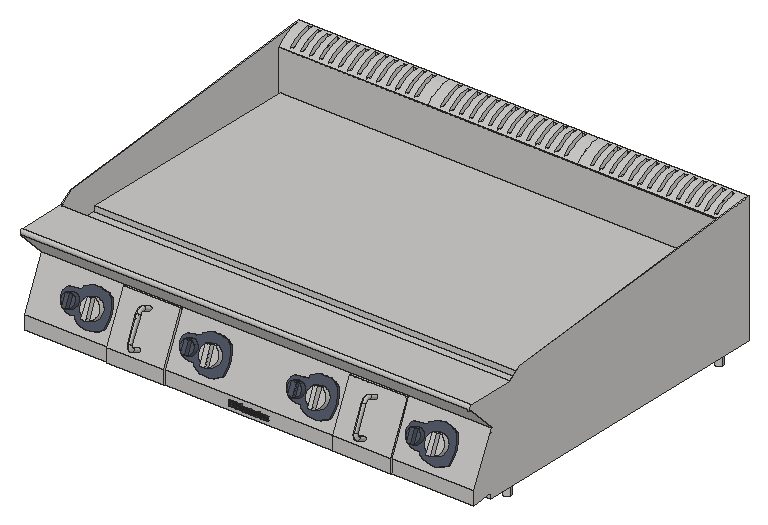
Revit family "QF_ELECTROLUXPROFESSIONAL_391407_E9IIMAAOMIA", category Specialty Equipment, Revit 2018 (continued)
Automatic sketch dimensions
  Extrusion 3 sketch curve to Extrusion 3 sketch curve = 2.692 mm
  Extrusion 3 sketch curve to Extrusion 3 sketch curve = 1.259 mm
  Extrusion 3 sketch curve to Extrusion 3 sketch curve = 0.802 mm
  Extrusion 3 sketch curve to Extrusion 3 sketch curve = 1.024 mm
  Extrusion 3 sketch curve to Extrusion 3 sketch curve = 0.682 mm
  Extrusion 3 sketch curve to Extrusion 3 sketch curve = 5.934 mm
  Extrusion 3 sketch curve to Extrusion 3 sketch curve = 2.186 mm
  Extrusion 3 sketch curve to Extrusion 3 sketch curve = 0.337 mm
  Extrusion 3 sketch curve to Extrusion 3 sketch curve = 0.021 mm
  Extrusion 3 sketch curve to Extrusion 3 sketch curve = 1.005 mm
  Extrusion 3 sketch curve to Extrusion 3 sketch curve = 0.552 mm
  Extrusion 3 sketch curve to Extrusion 3 sketch curve = 0.778 mm
  Extrusion 3 sketch curve to Extrusion 3 sketch curve = 0.063 mm
  Extrusion 3 sketch curve to Extrusion 3 sketch curve = 1.023 mm
  Extrusion 3 sketch curve to Extrusion 3 sketch curve = 3.804 mm
  Extrusion 3 sketch curve to Extrusion 3 sketch curve = 0.486 mm
  Extrusion 3 sketch curve to Extrusion 3 sketch curve = 0.266 mm  (x2)
  Extrusion 3 sketch curve to Extrusion 3 sketch curve = 1.547 mm
  Extrusion 3 sketch curve to Extrusion 3 sketch curve = 0.717 mm  (x2)
  Extrusion 3 sketch curve to Extrusion 3 sketch curve = 1.667 mm
  Extrusion 3 sketch curve to Extrusion 3 sketch curve = 3.174 mm
  Extrusion 3 sketch curve to Extrusion 3 sketch curve = 0.388 mm
  Extrusion 3 sketch curve to Extrusion 3 sketch curve = 1.342 mm
  Extrusion 3 sketch curve to Extrusion 3 sketch curve = 1.521 mm
  Extrusion 3 sketch curve to Extrusion 3 sketch curve = 0.124 mm
  Extrusion 3 sketch curve to Extrusion 3 sketch curve = 0.291 mm
  plane 7 "Center Y" to Extrusion 3 sketch curve = 5.548 mm
  Extrusion 3 sketch curve to Extrusion 3 sketch curve = 1.049 mm  (x2)
  Extrusion 3 sketch curve to Extrusion 3 sketch curve = 1.7 mm
  Extrusion 3 sketch curve to Extrusion 3 sketch curve = 0.894 mm
  Extrusion 3 sketch curve to Extrusion 3 sketch curve = 0.989 mm
  Extrusion 3 sketch curve to Extrusion 3 sketch curve = 1.168 mm
  Extrusion 3 sketch curve to Extrusion 3 sketch curve = 1.594 mm
  Extrusion 3 sketch curve to Extrusion 3 sketch curve = 0.731 mm
  Extrusion 3 sketch curve to Extrusion 3 sketch curve = 1.566 mm
  Extrusion 3 sketch curve to Extrusion 3 sketch curve = 0.064 mm
  plane 7 "Center Y" to Extrusion 3 sketch curve = 6.105 mm
  Extrusion 3 sketch curve to Extrusion 3 sketch curve = 0.556 mm  (x2)
  Extrusion 3 sketch curve to Extrusion 3 sketch curve = 0.48 mm
  Extrusion 3 sketch curve to Extrusion 3 sketch curve = 0.228 mm
  Extrusion 3 sketch curve to Extrusion 3 sketch curve = 1.018 mm
  Extrusion 3 sketch curve to Extrusion 3 sketch curve = 0.787 mm
  Extrusion 3 sketch curve to Extrusion 3 sketch curve = 0.618 mm
  Extrusion 3 sketch curve to Extrusion 3 sketch curve = 1.672 mm
  Extrusion 3 sketch curve to Extrusion 3 sketch curve = 1.361 mm
  Extrusion 3 sketch curve to Extrusion 3 sketch curve = 0.822 mm
  Extrusion 3 sketch curve to Extrusion 3 sketch curve = 0.069 mm
  Extrusion 3 sketch curve to Extrusion 3 sketch curve = 1.88 mm
  Extrusion 3 sketch curve to Extrusion 3 sketch curve = 0.42 mm
  Extrusion 3 sketch curve to Extrusion 3 sketch curve = 0.062 mm
  Extrusion 3 sketch curve to Extrusion 3 sketch curve = 1.355 mm
  Extrusion 3 sketch curve to Extrusion 3 sketch curve = 2.34 mm
  Extrusion 3 sketch curve to Extrusion 3 sketch curve = 0.493 mm
  Extrusion 3 sketch curve to Extrusion 3 sketch curve = 0.136 mm
  Extrusion 3 sketch curve to Extrusion 3 sketch curve = 0.128 mm
  Extrusion 3 sketch curve to Extrusion 3 sketch curve = 3.616 mm
  Extrusion 3 sketch curve to Extrusion 3 sketch curve = 4.207 mm
  Extrusion 3 sketch curve to Extrusion 3 sketch curve = 0.183 mm
  Extrusion 3 sketch curve to Extrusion 3 sketch curve = 0.895 mm
  Extrusion 3 sketch curve to Extrusion 3 sketch curve = 1.314 mm
  Extrusion 3 sketch curve to Extrusion 3 sketch curve = 3.231 mm
  Extrusion 3 sketch curve to Extrusion 3 sketch curve = 1.299 mm
  Extrusion 3 sketch curve to Extrusion 3 sketch curve = 1.214 mm
  Extrusion 3 sketch curve to Extrusion 3 sketch curve = 1.264 mm
  Extrusion 3 sketch curve to Extrusion 3 sketch curve = 0.109 mm
  Extrusion 3 sketch curve to Extrusion 3 sketch curve = 0.357 mm
  Extrusion 3 sketch curve to Extrusion 3 sketch curve = 0.565 mm
  Extrusion 3 sketch curve to Extrusion 3 sketch curve = 2.504 mm
  Extrusion 3 sketch curve to Extrusion 3 sketch curve = 2.459 mm
  Extrusion 3 sketch curve to Extrusion 3 sketch curve = 1.322 mm
  Extrusion 3 sketch curve to Extrusion 3 sketch curve = 2.77 mm
  Extrusion 3 sketch curve to Extrusion 3 sketch curve = 2.51 mm
  Extrusion 3 sketch curve to Extrusion 3 sketch curve = 0.187 mm
  Extrusion 3 sketch curve to Extrusion 3 sketch curve = 2.559 mm
  Extrusion 3 sketch curve to Extrusion 3 sketch curve = 1.556 mm
  Extrusion 3 sketch curve to Extrusion 3 sketch curve = 0.222 mm
  Extrusion 3 sketch curve to Extrusion 3 sketch curve = 1.383 mm
  Extrusion 3 sketch curve to Extrusion 3 sketch curve = 3.114 mm
  Extrusion 3 sketch curve to Extrusion 3 sketch curve = 3.376 mm
  Extrusion 3 sketch curve to Extrusion 3 sketch curve = 0.934 mm
  Extrusion 3 sketch curve to Extrusion 3 sketch curve = 0.191 mm
  Extrusion 3 sketch curve to Extrusion 3 sketch curve = 3.696 mm
  Extrusion 3 sketch curve to Extrusion 3 sketch curve = 2.708 mm
  Extrusion 3 sketch curve to Extrusion 3 sketch curve = 3.333 mm
  Extrusion 3 sketch curve to Extrusion 3 sketch curve = 0.332 mm
  Extrusion 3 sketch curve to Extrusion 3 sketch curve = 1.087 mm
  Extrusion 3 sketch curve to Extrusion 3 sketch curve = 2.23 mm
  Extrusion 3 sketch curve to Extrusion 3 sketch curve = 2.757 mm
  Extrusion 3 sketch curve to Extrusion 3 sketch curve = 0.987 mm
  Extrusion 3 sketch curve to Extrusion 3 sketch curve = 1.529 mm
  Extrusion 3 sketch curve to Extrusion 3 sketch curve = 1.796 mm
  Extrusion 3 sketch curve to Extrusion 3 sketch curve = 2.859 mm
  Extrusion 3 sketch curve to Extrusion 3 sketch curve = 0.853 mm
  Extrusion 3 sketch curve to Extrusion 3 sketch curve = 1.241 mm
  Extrusion 3 sketch curve to Extrusion 3 sketch curve = 2.046 mm  (x2)
  Extrusion 3 sketch curve to Extrusion 3 sketch curve = 2.422 mm
  Extrusion 3 sketch curve to Extrusion 3 sketch curve = 0.27 mm  (x2)
  Extrusion 3 sketch curve to Extrusion 3 sketch curve = 0.69 mm
  Extrusion 3 sketch curve to Extrusion 3 sketch curve = 0.781 mm  (x2)
  Extrusion 3 sketch curve to Extrusion 3 sketch curve = 3.136 mm
  Extrusion 3 sketch curve to Extrusion 3 sketch curve = 1.767 mm
  Extrusion 3 sketch curve to Extrusion 3 sketch curve = 0.138 mm
  Extrusion 3 sketch curve to Extrusion 3 sketch curve = 0.777 mm
  Extrusion 3 sketch curve to Extrusion 3 sketch curve = 1.19 mm
  Extrusion 3 sketch curve to Extrusion 3 sketch curve = 0.782 mm
  Extrusion 3 sketch curve to Extrusion 3 sketch curve = 1.268 mm
  Extrusion 3 sketch curve to Extrusion 3 sketch curve = 0.422 mm  (x2)
  Extrusion 3 sketch curve to Extrusion 3 sketch curve = 1.559 mm
  Extrusion 3 sketch curve to Extrusion 3 sketch curve = 3.927 mm
  Extrusion 3 sketch curve to Extrusion 3 sketch curve = 0.983 mm
  Extrusion 3 sketch curve to Extrusion 3 sketch curve = 1.134 mm
  Extrusion 3 sketch curve to Extrusion 3 sketch curve = 0.094 mm
  Extrusion 3 sketch curve to Extrusion 3 sketch curve = 1.584 mm
  Extrusion 3 sketch curve to plane 7 "Center Y" = 1.098 mm
  Extrusion 3 sketch curve to Extrusion 3 sketch curve = 0.643 mm
  Extrusion 3 sketch curve to Extrusion 3 sketch curve = 0.916 mm
  Extrusion 3 sketch curve to Extrusion 3 sketch curve = 0.352 mm
  Extrusion 3 sketch curve to Extrusion 3 sketch curve = 0.458 mm
  Extrusion 3 sketch curve to Extrusion 3 sketch curve = 1.282 mm
  Extrusion 3 sketch curve to Extrusion 3 sketch curve = 1.363 mm
  Extrusion 3 sketch curve to Extrusion 3 sketch curve = 0.685 mm
  Extrusion 3 sketch curve to Extrusion 3 sketch curve = 0.905 mm
  Extrusion 3 sketch curve to Extrusion 3 sketch curve = 2.865 mm
  Extrusion 3 sketch curve to Extrusion 3 sketch curve = 0.472 mm
  Extrusion 3 sketch curve to Extrusion 3 sketch curve = 0.101 mm
  Extrusion 3 sketch curve to Extrusion 3 sketch curve = 0.54 mm
  Extrusion 3 sketch curve to Extrusion 3 sketch curve = 0.02 mm
  Extrusion 3 sketch curve to Extrusion 3 sketch curve = 0.468 mm
  Extrusion 3 sketch curve to Extrusion 3 sketch curve = 0.829 mm
  Extrusion 3 sketch curve to Extrusion 3 sketch curve = 0.582 mm
  Extrusion 3 sketch curve to Extrusion 3 sketch curve = 0.166 mm
  Extrusion 3 sketch curve to Extrusion 3 sketch curve = 0.16 mm
  Extrusion 3 sketch curve to Extrusion 3 sketch curve = 2.781 mm
  Extrusion 3 sketch curve to Extrusion 3 sketch curve = 1.118 mm
  Extrusion 3 sketch curve to Extrusion 3 sketch curve = 0.613 mm
  Extrusion 3 sketch curve to Extrusion 3 sketch curve = 0.361 mm
  Extrusion 3 sketch curve to Extrusion 3 sketch curve = 0.897 mm
  Extrusion 3 sketch curve to Extrusion 3 sketch curve = 0.167 mm
  Extrusion 3 sketch curve to Extrusion 3 sketch curve = 0.292 mm
  Extrusion 3 sketch curve to Extrusion 3 sketch curve = 0.305 mm
  Extrusion 3 sketch curve to Extrusion 3 sketch curve = 1.557 mm
  Extrusion 3 sketch curve to Extrusion 3 sketch curve = 2.499 mm
  Extrusion 3 sketch curve to Extrusion 3 sketch curve = 3.062 mm
  Extrusion 3 sketch curve to Extrusion 3 sketch curve = 2.968 mm
  Extrusion 3 sketch curve to Extrusion 3 sketch curve = 5.044 mm
  Extrusion 3 sketch curve to Extrusion 3 sketch curve = 0.629 mm  (x2)
  Extrusion 3 sketch curve to Extrusion 3 sketch curve = 1.131 mm
  Extrusion 3 sketch curve to Extrusion 3 sketch curve = 0.027 mm
  Extrusion 3 sketch curve to Extrusion 3 sketch curve = 2.235 mm
  Extrusion 4 sketch curve to plane 12 = 0 mm
  Extrusion 4 sketch curve to plane 1 "BACK" = 0 mm
  Extrusion 4 sketch curve to plane 6 "TOP" = 0 mm
  Extrusion 4 sketch curve to plane 14 = 28.404 mm
  plane 14 to Extrusion 4 sketch curve = 5 mm
  Extrusion 4 sketch curve to plane 12 = 60 mm
  plane 12 to Extrusion 4 sketch curve = 21.916 mm
  Extrusion 5 sketch curve to plane 1 "BACK" = 0 mm
  Extrusion 5 sketch curve to plane 12 = 0 mm
  Extrusion 5 sketch curve to plane 6 "TOP" = 0 mm
  Extrusion 5 sketch curve to plane 14 = 28.404 mm
  plane 14 to Extrusion 5 sketch curve = 5 mm
  Extrusion 5 sketch curve to plane 12 = 60 mm
  plane 12 to Extrusion 5 sketch curve = 21.916 mm
  Extrusion 6 sketch curve to plane 1 "BACK" = 0 mm
  Extrusion 6 sketch curve to plane 6 "TOP" = 0 mm
  Extrusion 6 sketch curve to plane 13 = 12.15 mm
  Extrusion 6 sketch curve to plane 1 "BACK" = 5.211 mm
  Extrusion 6 sketch curve to plane 6 "TOP" = 31.7 mm
  plane 1 "BACK" to Extrusion 7 sketch curve = 6.761 mm  (x14)
  Extrusion 7 sketch curve to plane 13 = 18.089 mm  (x7)
  Extrusion 7 sketch curve to Extrusion 7 sketch curve = 0 mm  (x7)
  Extrusion 7 sketch curve to plane 11 = 18.703 mm
  Extrusion 7 sketch curve to Extrusion 7 sketch curve = 9.296 mm  (x14)
  Extrusion 7 sketch curve to Extrusion 7 sketch curve = 16.193 mm  (x13)
  Extrusion 8 sketch curve to plane 1 "BACK" = 0 mm
  Extrusion 8 sketch curve to plane 6 "TOP" = 0 mm
  Extrusion 8 sketch curve to plane 13 = 12.15 mm
  Extrusion 8 sketch curve to plane 1 "BACK" = 5.211 mm
  Extrusion 8 sketch curve to plane 6 "TOP" = 31.7 mm
  plane 1 "BACK" to Extrusion 9 sketch curve = 6.761 mm  (x14)
  Extrusion 9 sketch curve to plane 13 = 18.089 mm  (x7)
  Extrusion 9 sketch curve to plane 7 "Center Y" = 8.021 mm
  Extrusion 9 sketch curve to Extrusion 9 sketch curve = 0 mm  (x7)
  Extrusion 9 sketch curve to Extrusion 9 sketch curve = 9.296 mm  (x14)
  Extrusion 9 sketch curve to Extrusion 9 sketch curve = 16.193 mm  (x12)
  plane 7 "Center Y" to Extrusion 9 sketch curve = 8.171 mm
  Extrusion 10 sketch curve to plane 1 "BACK" = 0 mm
  Extrusion 10 sketch curve to plane 6 "TOP" = 0 mm
  Extrusion 10 sketch curve to plane 13 = 12.15 mm
  Extrusion 10 sketch curve to plane 1 "BACK" = 5.211 mm
  Extrusion 10 sketch curve to plane 6 "TOP" = 31.7 mm
  plane 1 "BACK" to Extrusion 11 sketch curve = 6.761 mm  (x14)
  Extrusion 11 sketch curve to plane 13 = 18.089 mm  (x7)
  Extrusion 11 sketch curve to Extrusion 11 sketch curve = 0 mm  (x7)
  plane 7 "Center Y" to Extrusion 11 sketch curve = 229.803 mm
  Extrusion 11 sketch curve to Extrusion 11 sketch curve = 9.296 mm  (x14)
  Extrusion 11 sketch curve to Extrusion 11 sketch curve = 16.193 mm  (x13)
  Extrusion 12 sketch curve to plane 12 = 45 mm
  Extrusion 12 sketch curve to plane 14 = 100.044 mm
  Extrusion 12 sketch curve to plane 13 = 10.485 mm
  Extrusion 12 sketch curve to Extrusion 12 sketch curve = 15 mm
  Extrusion 1 to Extrusion 13 sketch curve = 0 mm
  Extrusion 1 to Extrusion 13 sketch curve = 1.6 mm  (x2)
  Extrusion 1 to Extrusion 13 sketch curve = 71.515 mm
  Extrusion 14 sketch curve to plane 5 "FRONT" = 11.8 mm
  Extrusion 14 sketch curve to Extrusion 14 sketch curve = 3.2 mm
  Extrusion 14 sketch curve to plane 5 "FRONT" = 68.449 mm
  Extrusion 14 sketch curve to Extrusion 14 sketch curve = 2.907 mm
  plane 9 to Extrusion 14 sketch curve = 6.922 mm
  Extrusion 14 sketch curve to Extrusion 14 sketch curve = 34.792 mm
  Extrusion 14 sketch curve to Extrusion 14 sketch curve = 0.701 mm
  plane 9 to Extrusion 15 sketch curve = 6.922 mm
  plane 17 to Extrusion 15 sketch curve = 24.406 mm
  plane 17 to Extrusion 15 sketch curve = 81.055 mm
  Extrusion 15 sketch curve to plane 5 "FRONT" = 11.8 mm
  Extrusion 15 sketch curve to plane 5 "FRONT" = 68.449 mm
  Extrusion 15 sketch curve to Extrusion 15 sketch curve = 35.493 mm  (x2)
  Extrusion 15 sketch curve to plane 12 = 85.504 mm
  Extrusion 16 sketch curve to plane 5 "FRONT" = 11.8 mm
  Extrusion 16 sketch curve to Extrusion 16 sketch curve = 3.2 mm
  Extrusion 16 sketch curve to plane 5 "FRONT" = 68.449 mm
  Extrusion 16 sketch curve to Extrusion 16 sketch curve = 2.907 mm
  Extrusion 16 sketch curve to plane 12 = 85.504 mm
  Extrusion 16 sketch curve to Extrusion 16 sketch curve = 1.338 mm
  plane 9 to Extrusion 16 sketch curve = 6.922 mm
  plane 17 to Extrusion 17 sketch curve = 24.406 mm
  plane 17 to Extrusion 17 sketch curve = 81.055 mm
  Extrusion 17 sketch curve to plane 5 "FRONT" = 11.8 mm
  Extrusion 17 sketch curve to plane 5 "FRONT" = 68.449 mm
  Extrusion 17 sketch curve to plane 12 = 85.504 mm
  plane 9 to Extrusion 17 sketch curve = 42.415 mm  (x2)
  plane 9 to Extrusion 17 sketch curve = 6.922 mm
  Extrusion 18 sketch curve to Extrusion 18 sketch curve = 0 mm  (x2)
  Extrusion 18 sketch curve to plane 7 "Center Y" = 150.643 mm
  Extrusion 18 sketch curve to Extrusion 18 sketch curve = 112.63 mm
  Extrusion 18 sketch curve to Extrusion 18 sketch curve = 1.398 mm
  Extrusion 18 sketch curve to Extrusion 18 sketch curve = 5.918 mm
  Extrusion 18 sketch curve to Extrusion 18 sketch curve = 7.825 mm
  Extrusion 18 sketch curve to Extrusion 18 sketch curve = 12.433 mm
  Extrusion 18 sketch curve to Extrusion 18 sketch curve = 33.329 mm
  Extrusion 18 sketch curve to Extrusion 18 sketch curve = 28.808 mm
  Extrusion 18 sketch curve to Extrusion 18 sketch curve = 2.986 mm
  Extrusion 18 sketch curve to Extrusion 18 sketch curve = 35.441 mm
  Extrusion 18 sketch curve to Extrusion 18 sketch curve = 23.969 mm
  Extrusion 18 sketch curve to Extrusion 18 sketch curve = 31.993 mm
  Extrusion 18 sketch curve to Extrusion 18 sketch curve = 0.131 mm
  Extrusion 18 sketch curve to Extrusion 18 sketch curve = 36.738 mm
  Extrusion 18 sketch curve to Extrusion 18 sketch curve = 6.105 mm
  Extrusion 18 sketch curve to plane 7 "Center Y" = 119.675 mm
  Extrusion 18 sketch curve to Extrusion 18 sketch curve = 0.002 mm
  Extrusion 18 sketch curve to Extrusion 18 sketch curve = 38.412 mm
  Extrusion 18 sketch curve to Extrusion 18 sketch curve = 39.831 mm
  Extrusion 18 sketch curve to Extrusion 18 sketch curve = 6.427 mm
  Extrusion 18 sketch curve to Extrusion 18 sketch curve = 11.842 mm
  Extrusion 20 sketch curve to Extrusion 20 sketch curve = 24.732 mm
  Extrusion 20 sketch curve to Extrusion 20 sketch curve = 0 mm
  Extrusion 22 sketch curve to Extrusion 22 sketch curve = 0 mm
  Extrusion 22 sketch curve to Extrusion 22 sketch curve = 7.232 mm  (x3)
  Extrusion 22 sketch curve to Extrusion 22 sketch curve = 17.5 mm
  Extrusion 22 sketch curve to Extrusion 22 sketch curve = 5.786 mm
  Extrusion 23 sketch curve to Extrusion 23 sketch curve = 0 mm  (x2)
  Extrusion 23 sketch curve to plane 11 = 120.857 mm
  Extrusion 23 sketch curve to Extrusion 23 sketch curve = 112.63 mm
  Extrusion 23 sketch curve to Extrusion 23 sketch curve = 1.398 mm
  Extrusion 23 sketch curve to Extrusion 23 sketch curve = 5.918 mm
  Extrusion 23 sketch curve to Extrusion 23 sketch curve = 7.825 mm
  Extrusion 23 sketch curve to Extrusion 23 sketch curve = 12.433 mm
  Extrusion 23 sketch curve to Extrusion 23 sketch curve = 33.329 mm
  Extrusion 23 sketch curve to Extrusion 23 sketch curve = 28.808 mm
  Extrusion 23 sketch curve to Extrusion 23 sketch curve = 2.986 mm
  Extrusion 23 sketch curve to Extrusion 23 sketch curve = 35.441 mm
  Extrusion 23 sketch curve to Extrusion 23 sketch curve = 23.969 mm
  Extrusion 23 sketch curve to Extrusion 23 sketch curve = 31.993 mm
  Extrusion 23 sketch curve to Extrusion 23 sketch curve = 0.131 mm
  Extrusion 23 sketch curve to Extrusion 23 sketch curve = 36.738 mm
  Extrusion 23 sketch curve to Extrusion 23 sketch curve = 6.105 mm
  Extrusion 23 sketch curve to plane 11 = 151.825 mm
  Extrusion 23 sketch curve to Extrusion 23 sketch curve = 0.002 mm
  Extrusion 23 sketch curve to Extrusion 23 sketch curve = 38.412 mm
  Extrusion 23 sketch curve to Extrusion 23 sketch curve = 39.831 mm
  Extrusion 23 sketch curve to Extrusion 23 sketch curve = 6.427 mm
  Extrusion 23 sketch curve to Extrusion 23 sketch curve = 11.842 mm
  Extrusion 25 sketch curve to Extrusion 25 sketch curve = 24.732 mm
  Extrusion 25 sketch curve to Extrusion 25 sketch curve = 0 mm
  Extrusion 27 sketch curve to Extrusion 27 sketch curve = 0 mm
  Extrusion 27 sketch curve to Extrusion 27 sketch curve = 7.232 mm  (x3)
  Extrusion 27 sketch curve to Extrusion 27 sketch curve = 17.5 mm
  Extrusion 27 sketch curve to Extrusion 27 sketch curve = 5.786 mm
  Extrusion 28 sketch curve to Extrusion 28 sketch curve = 0 mm  (x2)
  Extrusion 28 sketch curve to plane 10 = 135.793 mm
  Extrusion 28 sketch curve to Extrusion 28 sketch curve = 112.63 mm
  Extrusion 28 sketch curve to Extrusion 28 sketch curve = 1.398 mm
  Extrusion 28 sketch curve to Extrusion 28 sketch curve = 5.918 mm
  Extrusion 28 sketch curve to Extrusion 28 sketch curve = 7.825 mm
  Extrusion 28 sketch curve to Extrusion 28 sketch curve = 12.433 mm
  Extrusion 28 sketch curve to Extrusion 28 sketch curve = 33.329 mm
  Extrusion 28 sketch curve to Extrusion 28 sketch curve = 28.808 mm
  Extrusion 28 sketch curve to Extrusion 28 sketch curve = 2.986 mm
  Extrusion 28 sketch curve to Extrusion 28 sketch curve = 35.441 mm
  Extrusion 28 sketch curve to Extrusion 28 sketch curve = 23.969 mm
  Extrusion 28 sketch curve to Extrusion 28 sketch curve = 31.993 mm
  Extrusion 28 sketch curve to Extrusion 28 sketch curve = 0.131 mm
  Extrusion 28 sketch curve to Extrusion 28 sketch curve = 36.738 mm
  Extrusion 28 sketch curve to Extrusion 28 sketch curve = 6.105 mm
  Extrusion 28 sketch curve to plane 10 = 104.825 mm
  Extrusion 28 sketch curve to Extrusion 28 sketch curve = 0.002 mm
  Extrusion 28 sketch curve to Extrusion 28 sketch curve = 38.412 mm
  Extrusion 28 sketch curve to Extrusion 28 sketch curve = 39.831 mm
  Extrusion 28 sketch curve to Extrusion 28 sketch curve = 6.427 mm
  Extrusion 28 sketch curve to Extrusion 28 sketch curve = 11.842 mm
  Extrusion 30 sketch curve to Extrusion 30 sketch curve = 24.732 mm
  Extrusion 30 sketch curve to Extrusion 30 sketch curve = 0 mm
  Extrusion 32 sketch curve to Extrusion 32 sketch curve = 0 mm
  Extrusion 32 sketch curve to Extrusion 32 sketch curve = 7.232 mm  (x3)
  Extrusion 32 sketch curve to Extrusion 32 sketch curve = 17.5 mm
  Extrusion 32 sketch curve to Extrusion 32 sketch curve = 5.786 mm
  Extrusion 33 sketch curve to Extrusion 33 sketch curve = 0 mm  (x2)
  plane 7 "Center Y" to Extrusion 33 sketch curve = 135.707 mm
  Extrusion 33 sketch curve to Extrusion 33 sketch curve = 112.63 mm
  Extrusion 33 sketch curve to Extrusion 33 sketch curve = 1.398 mm
  Extrusion 33 sketch curve to Extrusion 33 sketch curve = 5.918 mm
  Extrusion 33 sketch curve to Extrusion 33 sketch curve = 7.825 mm
  Extrusion 33 sketch curve to Extrusion 33 sketch curve = 12.433 mm
  Extrusion 33 sketch curve to Extrusion 33 sketch curve = 33.329 mm
  Extrusion 33 sketch curve to Extrusion 33 sketch curve = 28.808 mm
  Extrusion 33 sketch curve to Extrusion 33 sketch curve = 2.986 mm
  Extrusion 33 sketch curve to Extrusion 33 sketch curve = 35.441 mm
  Extrusion 33 sketch curve to Extrusion 33 sketch curve = 23.969 mm
  Extrusion 33 sketch curve to Extrusion 33 sketch curve = 31.993 mm
  Extrusion 33 sketch curve to Extrusion 33 sketch curve = 0.131 mm
  Extrusion 33 sketch curve to Extrusion 33 sketch curve = 36.738 mm
  Extrusion 33 sketch curve to Extrusion 33 sketch curve = 6.105 mm
  plane 7 "Center Y" to Extrusion 33 sketch curve = 166.675 mm
  Extrusion 33 sketch curve to Extrusion 33 sketch curve = 0.002 mm
  Extrusion 33 sketch curve to Extrusion 33 sketch curve = 38.412 mm
  Extrusion 33 sketch curve to Extrusion 33 sketch curve = 39.831 mm
  Extrusion 33 sketch curve to Extrusion 33 sketch curve = 6.427 mm
  Extrusion 33 sketch curve to Extrusion 33 sketch curve = 11.842 mm
  Extrusion 35 sketch curve to Extrusion 35 sketch curve = 24.732 mm
  Extrusion 35 sketch curve to Extrusion 35 sketch curve = 0 mm
  Extrusion 37 sketch curve to Extrusion 37 sketch curve = 0 mm
  Extrusion 37 sketch curve to Extrusion 37 sketch curve = 7.232 mm  (x3)
  Extrusion 37 sketch curve to Extrusion 37 sketch curve = 17.5 mm
  Extrusion 37 sketch curve to Extrusion 37 sketch curve = 5.786 mm
  Extrusion 38 sketch curve to Extrusion 6 = 277.95 mm
  Extrusion 38 sketch curve to Extrusion 6 = 754.95 mm
  plane 17 to Sweep 39 sketch curve = 5.74 mm
  plane 17 to Sweep 39 sketch curve = 11.967 mm
  Sweep 39 sketch curve to Sweep 39 sketch curve = 11.537 mm  (x3)
  Sweep 39 sketch curve to Sweep 39 sketch curve = 20.629 mm  (x2)
  plane 17 to Sweep 39 sketch curve = 33.288 mm
  Sweep 39 sketch curve to Sweep 39 sketch curve = 5.31 mm  (x2)
  plane 9 to Sweep 39 sketch curve = 60.209 mm
  Sweep 39 sketch curve to Sweep 39 sketch curve = 9.495 mm
  Sweep 39 sketch curve to Sweep 39 sketch curve = 59.852 mm
  Sweep 39 sketch curve to Sweep 39 sketch curve = 2.042 mm
  Sweep 39 sketch curve to profile plane = 0 mm  (x2)
  plane 17 to Sweep 40 sketch curve = 5.74 mm
  plane 17 to Sweep 40 sketch curve = 11.967 mm
  Sweep 40 sketch curve to Sweep 40 sketch curve = 11.537 mm  (x2)
  Sweep 40 sketch curve to Sweep 40 sketch curve = 20.629 mm  (x2)
  plane 17 to Sweep 40 sketch curve = 33.288 mm
  Sweep 40 sketch curve to Sweep 40 sketch curve = 5.31 mm  (x2)
  Sweep 40 sketch curve to plane 12 = 98.37 mm
  Sweep 40 sketch curve to Sweep 40 sketch curve = 6.227 mm
  Sweep 40 sketch curve to Sweep 40 sketch curve = 9.495 mm  (x2)
  Sweep 40 sketch curve to Sweep 40 sketch curve = 59.852 mm
  profile plane to Sweep 40 sketch curve = 0 mm
  Sweep 40 sketch curve to profile plane = 0 mm
  plane 5 "FRONT" to Extrusion 42 sketch curve = 0 mm  (x2)
  Extrusion 42 sketch curve to plane 3 "LEFT" = 0 mm
  plane 1 "BACK" to Extrusion 42 sketch curve = 0 mm
  Extrusion 42 sketch curve to plane 4 "RIGHT" = 0 mm
  Extrusion 42 sketch curve to plane 3 "LEFT" = 100 mm
  Extrusion 42 sketch curve to plane 4 "RIGHT" = 100 mm
  Extrusion 42 sketch curve to plane 1 "BACK" = 100 mm
  plane 5 "FRONT" to Sweep 43 sketch curve = 6.866 mm
  plane 5 "FRONT" to Sweep 43 sketch curve = 0.639 mm
  Sweep 43 sketch curve to plane 5 "FRONT" = 4.671 mm
  Sweep 43 sketch curve to plane 5 "FRONT" = 19.99 mm
  Sweep 43 sketch curve to plane 5 "FRONT" = 20.682 mm
  Sweep 43 sketch curve to Sweep 43 sketch curve = 11.537 mm  (x2)
  Sweep 43 sketch curve to Sweep 43 sketch curve = 5.31 mm  (x2)
  Sweep 43 sketch curve to Sweep 43 sketch curve = 20.629 mm
  plane 9 to Sweep 43 sketch curve = 60.209 mm
  Sweep 43 sketch curve to Sweep 43 sketch curve = 9.495 mm
  Sweep 43 sketch curve to Sweep 43 sketch curve = 59.852 mm
  Sweep 43 sketch curve to Sweep 43 sketch curve = 2.042 mm
  Sweep 43 sketch curve to profile plane = 0 mm  (x2)
  plane 5 "FRONT" to Sweep 44 sketch curve = 6.866 mm
  plane 5 "FRONT" to Sweep 44 sketch curve = 0.639 mm
  Sweep 44 sketch curve to plane 5 "FRONT" = 4.671 mm
  Sweep 44 sketch curve to plane 5 "FRONT" = 19.99 mm
  Sweep 44 sketch curve to plane 5 "FRONT" = 20.682 mm
  Sweep 44 sketch curve to Sweep 44 sketch curve = 11.537 mm
  Sweep 44 sketch curve to Sweep 44 sketch curve = 5.31 mm  (x2)
  Sweep 44 sketch curve to Sweep 44 sketch curve = 20.629 mm
  Sweep 44 sketch curve to plane 12 = 98.37 mm
  Sweep 44 sketch curve to Sweep 44 sketch curve = 6.227 mm
  Sweep 44 sketch curve to Sweep 44 sketch curve = 9.495 mm  (x2)
  Sweep 44 sketch curve to Sweep 44 sketch curve = 59.852 mm
  profile plane to Sweep 44 sketch curve = 0 mm
  Sweep 44 sketch curve to profile plane = 0 mm
  plane 5 "FRONT" to curve 198 = 0 mm
  curve 4 to plane 3 "LEFT" = 0 mm
  curve 7 to plane 15 = 0 mm
  plane 5 "FRONT" to curve 9 = 0 mm
  plane 1 "BACK" to curve 200 = 0 mm
  curve 7 to plane 16 = 0 mm
  curve 6 to plane 4 "RIGHT" = 0 mm
  plane 5 "FRONT" to curve 196 = 0 mm
  curve 198 to plane 3 "LEFT" = 100 mm
  plane 3 "LEFT" to curve 8 = 1.6 mm
  curve 195 to plane 11 = 18.703 mm
  curve 192 to curve 193 = 9.296 mm
  curve 192 to curve 191 = 16.193 mm
  curve 188 to curve 189 = 9.296 mm
  plane 1 "BACK" to curve 187 = 6.761 mm
  curve 189 to curve 187 = 16.193 mm
  curve 186 to curve 186 = 9.296 mm
  curve 184 to curve 180 = 16.193 mm
  curve 182 to curve 181 = 9.296 mm
  curve 180 to curve 179 = 16.193 mm
  curve 176 to curve 177 = 9.296 mm
  plane 1 "BACK" to curve 175 = 6.761 mm
  curve 177 to curve 175 = 16.193 mm
  curve 172 to curve 173 = 9.296 mm
  plane 1 "BACK" to curve 171 = 6.761 mm
  curve 173 to curve 171 = 16.193 mm
  curve 168 to curve 168 = 9.296 mm
  plane 1 "BACK" to curve 167 = 6.761 mm
  curve 169 to curve 167 = 16.193 mm
  curve 166 to curve 166 = 9.296 mm
  plane 17 to curve 10 = 24.406 mm
  curve 10 to plane 11 = 210.15 mm
  plane 1 "BACK" to curve 163 = 6.761 mm
  curve 165 to curve 163 = 16.193 mm
  curve 160 to curve 161 = 9.296 mm
  curve 160 to curve 159 = 16.193 mm
  curve 156 to curve 157 = 9.296 mm
  curve 156 to curve 152 = 16.193 mm
  curve 9 to curve 13 = 72.72 mm
  curve 154 to curve 154 = 9.296 mm
  curve 13 to curve 14 = 0.212 mm
  curve 14 to curve 13 = 3.76 mm
  curve 12 to curve 13 = 0.703 mm
  curve 1 to plane 14 = 46.064 mm
  curve 9 to curve 1 = 78.422 mm
  curve 152 to curve 148 = 16.193 mm
  curve 150 to curve 149 = 9.296 mm
  curve 148 to curve 144 = 16.193 mm
  curve 146 to curve 145 = 9.296 mm
  curve 144 to curve 140 = 16.193 mm
  curve 142 to curve 141 = 9.296 mm
  plane 17 to curve 11 = 24.406 mm
  curve 17 to curve 11 = 71.781 mm
  curve 200 to plane 13 = 10.485 mm
  curve 140 to curve 200 = 29.703 mm
  plane 1 "BACK" to curve 139 = 6.761 mm
  curve 200 to curve 139 = 29.703 mm
  curve 136 to curve 137 = 9.296 mm
  curve 136 to curve 132 = 16.193 mm
  curve 132 to curve 133 = 9.296 mm
  curve 132 to curve 128 = 16.193 mm
  curve 128 to curve 129 = 9.296 mm
  plane 1 "BACK" to curve 126 = 6.761 mm
  curve 129 to curve 126 = 16.193 mm
  curve 124 to curve 125 = 9.296 mm
  plane 1 "BACK" to curve 123 = 6.761 mm
  curve 125 to curve 123 = 16.193 mm
  curve 120 to curve 121 = 9.296 mm
  curve 120 to curve 116 = 16.193 mm
  curve 116 to curve 117 = 9.296 mm
  curve 116 to curve 112 = 16.193 mm
  curve 112 to plane 7 "Center Y" = 8.021 mm
  plane 7 "Center Y" to curve 111 = 8.171 mm
  curve 110 to curve 109 = 9.296 mm
  curve 108 to curve 107 = 16.193 mm
  curve 104 to curve 105 = 9.296 mm
  plane 1 "BACK" to curve 103 = 6.761 mm
  curve 105 to curve 103 = 16.193 mm
  curve 100 to curve 101 = 9.296 mm
  plane 1 "BACK" to curve 98 = 6.761 mm
  curve 101 to curve 98 = 16.193 mm
  curve 98 to curve 98 = 9.296 mm
  curve 96 to curve 95 = 16.193 mm
  curve 92 to curve 93 = 9.296 mm
  curve 92 to curve 91 = 16.193 mm
  curve 88 to curve 89 = 9.296 mm
  plane 1 "BACK" to curve 86 = 6.761 mm
  curve 89 to curve 86 = 16.193 mm
  curve 84 to curve 85 = 9.296 mm
  curve 85 to curve 199 = 29.703 mm
  plane 7 "Center Y" to curve 18 = 225 mm
  plane 1 "BACK" to curve 82 = 6.761 mm
  curve 199 to curve 82 = 29.703 mm
  curve 82 to curve 81 = 9.296 mm
  curve 80 to curve 79 = 16.193 mm
  curve 78 to curve 77 = 9.296 mm
  curve 76 to curve 75 = 16.193 mm
  curve 72 to curve 72 = 9.296 mm
  curve 18 to curve 22 = 72.72 mm
  plane 17 to curve 23 = 4.569 mm
  curve 22 to curve 23 = 0.212 mm
  curve 2 to plane 14 = 46.064 mm
  curve 18 to curve 2 = 75.428 mm
  curve 21 to curve 21 = 3.76 mm
  curve 21 to curve 22 = 0.703 mm
  plane 1 "BACK" to curve 71 = 6.761 mm
  curve 73 to curve 71 = 16.193 mm
  curve 68 to curve 69 = 9.296 mm
  curve 68 to curve 64 = 16.193 mm
  curve 66 to curve 66 = 9.296 mm
  curve 64 to curve 63 = 16.193 mm
  curve 62 to curve 62 = 9.296 mm
  plane 17 to curve 26 = 24.406 mm
  curve 26 to curve 26 = 71.781 mm
  plane 1 "BACK" to curve 58 = 6.761 mm
  curve 61 to curve 58 = 16.193 mm
  curve 58 to curve 57 = 9.296 mm
  plane 1 "BACK" to curve 54 = 6.761 mm
  curve 57 to curve 54 = 16.193 mm
  curve 52 to curve 53 = 9.296 mm
  plane 1 "BACK" to curve 51 = 6.761 mm
  curve 53 to curve 51 = 16.193 mm
  curve 50 to curve 50 = 9.296 mm
  plane 1 "BACK" to curve 46 = 6.761 mm
  curve 49 to curve 46 = 16.193 mm
  curve 44 to curve 44 = 9.296 mm
  curve 44 to curve 40 = 16.193 mm
  curve 42 to curve 41 = 9.296 mm
  plane 1 "BACK" to curve 38 = 6.761 mm
  curve 41 to curve 38 = 16.193 mm
  curve 36 to curve 37 = 9.296 mm
  curve 36 to curve 32 = 16.193 mm
  curve 32 to curve 32 = 9.296 mm
  curve 32 to curve 28 = 16.193 mm
  curve 30 to curve 30 = 9.296 mm
  plane 4 "RIGHT" to curve 8 = 1.6 mm
  curve 196 to plane 4 "RIGHT" = 100 mm
  plane 17 to curve 15 = 4.569 mm
  plane 17 to curve 19 = 24.406 mm
  curve 10 to curve 12 = 46.357 mm
  curve 19 to curve 21 = 46.357 mm
  curve 13 to curve 12 = 0 mm
  curve 21 to curve 22 = 0 mm
  curve 12 to curve 13 = 1.901 mm
  curve 21 to curve 21 = 1.901 mm
  plane 14 to curve 8 = 5 mm
  curve 7 to plane 14 = 100.044 mm
  curve 28 to plane 13 = 18.089 mm
  curve 195 to plane 13 = 18.089 mm
  curve 32 to curve 28 = 0 mm
  curve 192 to curve 191 = 0 mm
  curve 36 to curve 32 = 0 mm
  curve 188 to curve 187 = 0 mm
  curve 40 to curve 36 = 0 mm
  curve 184 to curve 183 = 0 mm
  curve 44 to curve 40 = 0 mm
  curve 180 to curve 179 = 0 mm
  curve 48 to curve 44 = 0 mm
  curve 176 to curve 175 = 0 mm
  curve 52 to curve 48 = 0 mm
  curve 172 to curve 171 = 0 mm
  curve 56 to curve 52 = 0 mm
  curve 168 to curve 167 = 0 mm
  curve 60 to curve 56 = 0 mm
  curve 164 to curve 163 = 0 mm
  curve 64 to curve 60 = 0 mm
  curve 160 to curve 159 = 0 mm
  curve 68 to curve 64 = 0 mm
  curve 156 to curve 155 = 0 mm
  curve 72 to curve 68 = 0 mm
  curve 152 to curve 151 = 0 mm
  curve 76 to curve 72 = 0 mm
  curve 148 to curve 147 = 0 mm
  curve 80 to curve 76 = 0 mm
  curve 144 to curve 143 = 0 mm
  curve 84 to plane 13 = 18.089 mm
  curve 139 to plane 13 = 18.089 mm
  curve 88 to curve 84 = 0 mm
  curve 136 to curve 135 = 0 mm
  curve 92 to curve 88 = 0 mm
  curve 132 to curve 131 = 0 mm
  curve 96 to curve 92 = 0 mm
  curve 128 to curve 127 = 0 mm
  curve 100 to curve 96 = 0 mm
  curve 124 to curve 123 = 0 mm
  curve 104 to curve 100 = 0 mm
  curve 120 to curve 119 = 0 mm
  curve 108 to curve 104 = 0 mm
  curve 116 to curve 115 = 0 mm
  plane 1 "BACK" to curve 111 = 6.761 mm
  plane 1 "BACK" to curve 113 = 6.761 mm
  plane 1 "BACK" to curve 107 = 6.761 mm
  plane 1 "BACK" to curve 117 = 6.761 mm
  plane 1 "BACK" to curve 95 = 6.761 mm
  plane 1 "BACK" to curve 129 = 6.761 mm
  plane 1 "BACK" to curve 91 = 6.761 mm
  plane 1 "BACK" to curve 133 = 6.761 mm
  plane 1 "BACK" to curve 141 = 6.761 mm
  plane 1 "BACK" to curve 79 = 6.761 mm
  plane 1 "BACK" to curve 145 = 6.761 mm
  plane 1 "BACK" to curve 75 = 6.761 mm
  plane 1 "BACK" to curve 149 = 6.761 mm
  plane 1 "BACK" to curve 153 = 6.761 mm
  plane 1 "BACK" to curve 67 = 6.761 mm
  plane 1 "BACK" to curve 157 = 6.761 mm
  plane 1 "BACK" to curve 63 = 6.761 mm
  plane 1 "BACK" to curve 177 = 6.761 mm
  plane 1 "BACK" to curve 43 = 6.761 mm
  plane 1 "BACK" to curve 181 = 6.761 mm
  plane 1 "BACK" to curve 35 = 6.761 mm
  plane 1 "BACK" to curve 189 = 6.761 mm
  plane 1 "BACK" to curve 31 = 6.761 mm
  plane 1 "BACK" to curve 193 = 6.761 mm
  curve 197 to plane 1 "BACK" = 100 mm
  radius of Extrusion 2 sketch curve = 9.525 mm  (x4)
  radius of Extrusion 19 sketch curve = 25.4 mm
  radius of Extrusion 20 sketch curve to Extrusion 19 = 0 mm  (x2)
  radius of Extrusion 21 sketch curve = 18.37 mm
  radius of Extrusion 24 sketch curve = 25.4 mm
  radius of Extrusion 25 sketch curve to Extrusion 24 = 0 mm  (x2)
  radius of Extrusion 26 sketch curve = 18.37 mm
  radius of Extrusion 29 sketch curve = 25.4 mm
  radius of Extrusion 30 sketch curve to Extrusion 29 = 0 mm  (x2)
  radius of Extrusion 31 sketch curve = 18.37 mm
  radius of Extrusion 34 sketch curve = 25.4 mm
  radius of Extrusion 35 sketch curve to Extrusion 34 = 0 mm  (x2)
  radius of Extrusion 36 sketch curve = 18.37 mm
  radius of Extrusion 38 sketch curve = 6.35 mm
  radius of Sweep 39 sketch curve = 4.572 mm
  radius of Sweep 40 sketch curve = 4.572 mm
  radius of Sweep 43 sketch curve = 4.572 mm
  radius of Sweep 44 sketch curve = 4.572 mm
  radius of curve 1 = 20 mm
  radius of curve 2 = 20 mm
Connectors
  piping at (1155, 1.6, 59.35), diameter 12.8
    settings: on Extrusion 38, index 1, connector inside diameter 0.50394", connector length 0 mm, flow factor 0, pipe flow 0 GPM, pressure drop 0.00 psi, fitting loss kfactor 0, connector angle 0.00°, fixture units 0, engagement length 0 mm, angle of deflection 0.00°, flow configuration 1, flow direction 1, fitting loss method 0, system type 7, joint type 0, gender type 0, connector reference index -1, connector utility 0, adjustable connector no, is connector primary yes, connector description "GAS CONNECTION"
